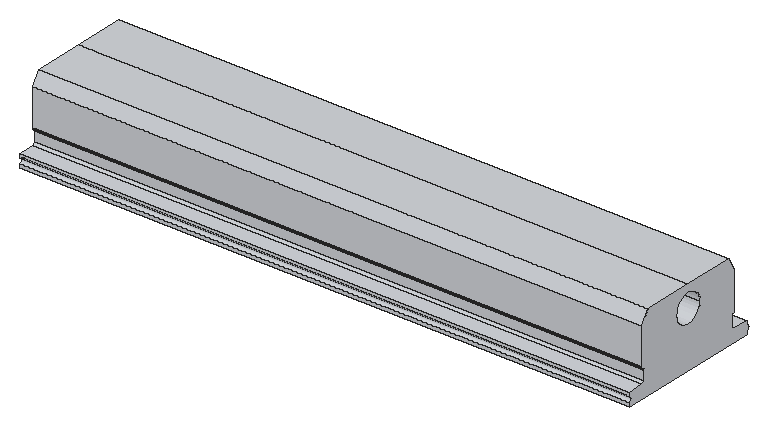
Revit family "MAKROS Panel aislante de entrepiso", category Structural Framing, Revit 2016
Family settings
  Display in Hidden Views = Edges Hidden by Other Members
  Section Shape = Not Defined
  Material for Model Behavior = Precast Concrete
  Always export as geometry = No
  OmniClass Number = 23.25.30.11.14.14
  OmniClass Title = Beams
  Always vertical = Yes
  Cut with Voids When Loaded = No
  Symbolic Representation = From Family
  Shared = No
  Show family pre-cut in plan views = Yes
Parameters (values of type "32")
  Width [instance] = 119.5 cm
  URL = "www.novidesa.com.mx"
  Top [instance] = 5 cm
  Tickness [instance] = 15 cm
  Structural Material [instance] = Concrete - Cast-in-Place Concrete
  R (h•ft²•°F/BTU) = "33.64"
  Peso de EPS kg/ml = "2.86"
  Peso de EPS + canaleta kg/m² = "7.76"
  Peso de EPS + canaleta kg/ml = "4.66"
  Permeabilidad de vapor de agua = "0.049 ng/Pa•s•m"
  Model = "MAKROS"
  Manufacturer = "NOVIDESA"
  M m²• K/W = "5.92"
  Length [instance] = 300 cm
  Espesor = 32 cm
  Densidad Aparente = "19.05 kg/m³"
  Conductividad Termica = "0.0344 W/m•K"
  Ancho = 60 cm
  Aislamiento acústico (STC) = "47 dB"
  Adsorción de humedad (Volumen) = "0.020 %"
  Adsorción de humedad (Peso) = "1.03%"
Types (5, lengths in cm): name | R (h•ft²•°F/BTU) | Peso de EPS kg/ml | Peso de EPS + canaleta kg/m² | Peso de EPS + canaleta kg/ml | M m²• K/W | Espesor
  18 | "18.79" | "1.62" | "5.70" | "3.42" | "3.30" | 18
  20 | "26.37" | "1.87" | "6.11" | "3.67" | "4.64" | 20
  25 | "27.67" | "2.39" | "6.93" | "4.16" | "4.87" | 25
  29 | "32.09" | "2.75" | "7.58" | "4.55" | "5.65" | 29
  32 | "33.64" | "2.86" | "7.76" | "4.66" | "5.92" | 32
Reference planes (cm)
  plane 1 "Center (Front/Back)": y = 0
  plane 2 "Center Elevation": z = 0
  plane 3 "Center (Left/Right)": x = 0
  plane 4 "Left": x = -150
  plane 5 "Member Left": x = -125
  plane 6 "Stick Symbol Left": x = -100
  plane 7 "Right": x = 150
  plane 8 "Member Right": x = 125
  plane 9 "Stick Symbol Right": x = 100
  plane 10: z = -32
  plane 11: z = -5
  plane 12: z = -20.22
  plane 13: y = -30
  plane 14: y = 30
Forms (cm)
  Extrusion 1, solid, detail levels medium+fine
    sketch origin (0, 0, 0) x (0, 1, 0) y (0, 0, 1)
      loop
        line (-20.75, 0) -> (-23.5, -5) -> (23.5, -5) -> (20.75, 0) -> (0, 0) -> (-20.75, 0)
    from -125 to 125
  Extrusion 2, solid, detail levels medium+fine
    sketch origin (0, 0, 0) x (0, 1, 0) y (0, 0, 1)
      loop
        arc (-23.5, -20.22) -> (-23.4239, -20.6027) -> (-23.2071, -20.9271) r 1
        line (-23.2071, -20.9271) -> (-22.7393, -21.3398)
        arc (-22.7393, -21.3398) -> (-22.5813, -21.5834) -> (-22.5, -21.8621) r 1
        line (-22.5, -21.8621) -> (-22.5, -25.658)
        arc (-22.5, -25.658) -> (-22.7746, -26.3463) -> (-23.4477, -26.6566) r 1
        line (-23.4477, -26.6566) -> (-30, -27) -> (-30, -28.5)
        arc (-30, -28.5) -> (-29, -29.5) -> (-30, -30.5) r 1
        line (-30, -30.5) -> (-30, -32) -> (30, -32) -> (30, -30.5)
        arc (30, -30.5) -> (31, -29.5) -> (30, -28.5) r 1
        line (30, -28.5) -> (30, -27) -> (23.4477, -26.6566)
        arc (23.4477, -26.6566) -> (22.7746, -26.3463) -> (22.5, -25.658) r 1
        line (22.5, -25.658) -> (22.5, -21.8621)
        arc (22.5, -21.8621) -> (22.5813, -21.5834) -> (22.7393, -21.3398) r 1
        line (22.7393, -21.3398) -> (23.2071, -20.9271)
        arc (23.2071, -20.9271) -> (23.4239, -20.6027) -> (23.5, -20.22) r 1
        line (23.5, -20.22) -> (-23.5, -20.22)
    from -125 to 125
  Extrusion 3, void
    sketch origin (150, 0, 0) x (0, -1, 0) y (0, 0, 1)
      loop
        circle (0, -9) r 6
    from 25 to 275
  Extrusion 4, solid
    sketch origin (150, 0, 0) x (0, -1, 0) y (0, 0, 1)
      loop
        line (-12.75, -31.75) -> (-12.8572, -31.75) -> (-12.8572, -31.924) -> (-17.174, -31.924) -> (-17.174, -26.076) -> (-12.8572, -26.076) -> (-12.8572, -26.25) -> (-12.75, -26.25) -> (-12.75, -26) -> (-17.25, -26) -> (-17.25, -32) -> (-12.75, -32) -> (-12.75, -31.75)
    from 25 to 275
  Extrusion 5, solid
    sketch origin (150, 0, 0) x (0, 1, 0) y (0, 0, -1)
      loop
        line (-12.75, 31.75) -> (-12.75, 32) -> (-17.25, 32) -> (-17.25, 26) -> (-12.75, 26) -> (-12.75, 26.25) -> (-12.8572, 26.25) -> (-12.8572, 26.076) -> (-17.174, 26.076) -> (-17.174, 31.924) -> (-12.8572, 31.924) -> (-12.8572, 31.75) -> (-12.75, 31.75)
    from 25 to 275
  Extrusion 6, solid, detail levels medium+fine
    sketch origin (0, 0, 0) x (0, 1, 0) y (0, 0, 1)
      loop
        line (-23.5, -5) -> (-23.5, -20.22) -> (23.5, -20.22) -> (23.5, -5) -> (-23.5, -5)
    from -125 to 125
Cuts and joins
  Extrusion 3 cuts Extrusion 1
  Extrusion 3 cuts Extrusion 2
  Extrusion 3 cuts Extrusion 6
  joined: Extrusion 1, Extrusion 2, Extrusion 6
Lines and regions (cm)
  model lines, style "Stick Symbols", detail levels coarse
    curve 1: line (-100, 0, 0) -> (100, 0, 0)
Dimensions and locks (cm)
  equal spacing: plane 4 "Left", plane 3 "Center (Left/Right)", plane 7 "Right"
  "Length": plane 4 "Left" to plane 7 "Right"
  "Espesor": plane 2 "Center Elevation" to plane 10
  locked: plane 12 to plane 10 at 11.78
  "Ancho": plane 13 to plane 14
  equal spacing: plane 13, plane 1 "Center (Front/Back)", plane 14
  aligned and locked: plane 5 "Member Left" to Extrusion 1
  aligned and locked: Extrusion 1 to plane 8 "Member Right"
  aligned and locked: plane 6 "Stick Symbol Left" to curve 1
  aligned and locked: plane 9 "Stick Symbol Right" to curve 1
  aligned and locked: level to plane 2 "Center Elevation"
  aligned and locked: plane 5 "Member Left" to Extrusion 3
  aligned and locked: Extrusion 3 to plane 8 "Member Right"
  aligned and locked: Extrusion 4 to plane 10
  aligned and locked: Extrusion 5 to plane 10
  aligned and locked: plane 5 "Member Left" to Extrusion 5
  aligned and locked: Extrusion 5 to plane 8 "Member Right"
  aligned and locked: Extrusion 4 to plane 8 "Member Right"
  aligned and locked: plane 5 "Member Left" to Extrusion 4
  aligned and locked: Extrusion 2 sketch curve to plane 12
  aligned and locked: cut or joined group of Extrusion 1, Extrusion 2, Extrusion 3, Extrusion 6 to plane 12
Automatic sketch dimensions
  Extrusion 1 sketch curve to plane 11 = 0 cm
  Extrusion 1 sketch curve to level = 0 cm
  Extrusion 1 sketch curve to plane 1 "Center (Front/Back)" = 0 cm
  Extrusion 1 sketch curve to Extrusion 1 sketch curve = 20.75 cm
  Extrusion 1 sketch curve to Extrusion 1 sketch curve = 2.75 cm  (x2)
  Extrusion 1 sketch curve to plane 1 "Center (Front/Back)" = 20.75 cm
  Extrusion 3 sketch curve to plane 1 "Center (Front/Back)" = 0 cm
  Extrusion 3 sketch curve to plane 11 = 4 cm
  Extrusion 4 sketch curve to plane 10 = 0 cm
  plane 10 to Extrusion 4 sketch curve = 6 cm
  Extrusion 4 sketch curve to plane 1 "Center (Front/Back)" = 17.25 cm
  Extrusion 4 sketch curve to Extrusion 4 sketch curve = 0.076 cm  (x2)
  Extrusion 4 sketch curve to Extrusion 4 sketch curve = 4.3168 cm  (x2)
  plane 10 to Extrusion 4 sketch curve = 0.25 cm
  Extrusion 4 sketch curve to Extrusion 4 sketch curve = 0.1073 cm  (x2)
  plane 10 to Extrusion 4 sketch curve = 0.076 cm
  Extrusion 4 sketch curve to Extrusion 4 sketch curve = 0.25 cm
  Extrusion 5 sketch curve to plane 10 = 0 cm
  Extrusion 5 sketch curve to plane 10 = 6 cm
  Extrusion 5 sketch curve to plane 1 "Center (Front/Back)" = 17.25 cm
  Extrusion 5 sketch curve to Extrusion 5 sketch curve = 0.076 cm  (x2)
  Extrusion 5 sketch curve to Extrusion 5 sketch curve = 4.3168 cm  (x2)
  Extrusion 5 sketch curve to plane 10 = 0.25 cm
  Extrusion 5 sketch curve to Extrusion 5 sketch curve = 0.1073 cm  (x2)
  Extrusion 5 sketch curve to plane 10 = 0.076 cm
  Extrusion 5 sketch curve to Extrusion 5 sketch curve = 0.25 cm
  plane 1 "Center (Front/Back)" to curve 1 = 0 cm
  Extrusion 6 sketch curve to plane 11 = 0 cm
  plane 1 "Center (Front/Back)" to Extrusion 6 sketch curve = 23.5 cm
  Extrusion 6 sketch curve to plane 11 = 15.22 cm
  Extrusion 6 sketch curve to plane 1 "Center (Front/Back)" = 23.5 cm
  Extrusion 2 sketch curve to plane 10 = 0 cm
  plane 10 to Extrusion 2 sketch curve = 1.5 cm
  Extrusion 2 sketch curve to Extrusion 2 sketch curve = 0 cm  (x2)
  Extrusion 2 sketch curve to Extrusion 2 sketch curve = 0.0095 cm
  plane 10 to Extrusion 2 sketch curve = 5.3434 cm  (x2)
  Extrusion 2 sketch curve to Extrusion 2 sketch curve = 0.0523 cm
  Extrusion 2 sketch curve to plane 12 = 0.7071 cm  (x2)
  Extrusion 2 sketch curve to Extrusion 2 sketch curve = 0.2929 cm
  Extrusion 2 sketch curve to plane 12 = 1.1198 cm  (x2)
  Extrusion 2 sketch curve to Extrusion 2 sketch curve = 0.4678 cm  (x2)
  Extrusion 2 sketch curve to Extrusion 2 sketch curve = 0.2393 cm  (x2)
  Extrusion 2 sketch curve to plane 12 = 1.6421 cm
  Extrusion 2 sketch curve to Extrusion 2 sketch curve = 0.9477 cm
  Extrusion 2 sketch curve to Extrusion 2 sketch curve = 0.7511 cm
  Extrusion 2 sketch curve to Extrusion 2 sketch curve = 1 cm  (x3)
  plane 10 to Extrusion 2 sketch curve = 5 cm
  Extrusion 2 sketch curve to Extrusion 2 sketch curve = 6.5523 cm
  Extrusion 2 sketch curve to Extrusion 2 sketch curve = 1.5 cm  (x2)
  Extrusion 2 sketch curve to Extrusion 2 sketch curve = 0.6602 cm
  Extrusion 2 sketch curve to Extrusion 2 sketch curve = 6.5 cm
  Extrusion 2 sketch curve to plane 14 = 0 cm
  Extrusion 2 sketch curve to plane 13 = 0 cm
  radius of Extrusion 3 sketch curve = 6 cm
